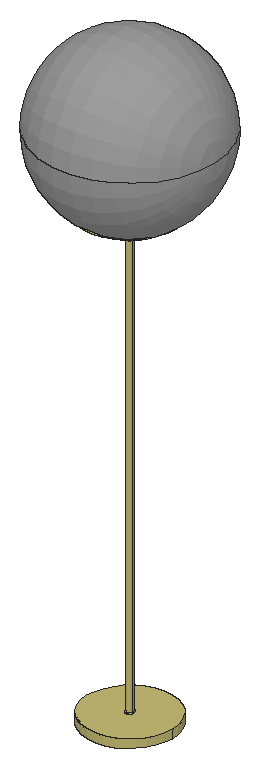
Revit family "Luna 10 Cord", category Lighting Fixtures, host Face, Revit 2017
Family settings
  Host = Face
  Round Connector Dimension = Use Diameter
  Part Type = Normal
  Cut with Voids When Loaded = No
  Light Source = Yes
  Shared = No
  Room Calculation Point = No
Parameters (values of type "Natural Brass")
  Wattage = 9.2903 W
  built-in parameter 1150110 = 1 (stored number, unit not read)
  Voltage = "120 V"
  URL = "https://www.schoolhouse.com/collections/pendants-chandeliers/products/luna-rod-pendant-with-10-opal-shade"
  built-in parameter 1114217 = 1 (stored number, unit not read)
  built-in parameter 1150109 = 1 (stored number, unit not read)
  built-in parameter 1150134 = 3
  built-in parameter 1150113 = 1 (stored number, unit not read)
  Product Material = Brass
  Primary Finishes = Schoolhouse Natural Brass 181-166-66
  Model = "Luna Rod Pendant with 10\" Shade"
  Max Wattage = 60 W
  Manufacturer = "Schoolhouse"
  built-in parameter 1150105 = 109.82 (stored number, unit not read)
  Lumens = 1380 lm
  built-in parameter 1150115 = 1 (stored number, unit not read)
  Light Source Symbol Size = 2' - 0"
  built-in parameter 1150137 = (empty or 0)
  built-in parameter 1150139 = (empty or 0)
  Length Sub 1 = Lamp Shade Radius  # 0' - 5"
  built-in parameter 1150112 = 1 (stored number, unit not read)
  Lamp Shade Radius = Lamp Shade Diameter / 2  # 0' - 5"
  Lamp Shade Diameter = 0' - 10"
  built-in parameter 1150114 = 1 (stored number, unit not read)
  built-in parameter 1150132 = (empty or 0)
  built-in parameter 1150102 = (empty or 0)
  built-in parameter 1150107 = 3200 (stored number, unit not read)
  built-in parameter 1150138 = (empty or 0)
  built-in parameter 1150106 = 1.0982 (stored number, unit not read)
  Height = 3' - 0"
  Emit from Circle Diameter = 2' - 0"
  Emit Shape Visible in Rendering = no
  built-in parameter 1150104 = 13.8 (stored number, unit not read)
  Dimming Lamp Color Temperature Shift = <None>
  Dimming = ""
  Description = "Pared down to the elements of line and light, the Luna Collection retains a delicate, sculptural quality that illuminates a room even when unlit. A stylish take on task lighting, the glass shade’s milky finish imparts a moon-like glow. A vinyl cord and streamlined components add to the versatility and simplicity of this fixture. Manufactured in our Portland, Ore. factory to exacting specifications. A Schoolhouse Electric Original."
  Default Elevation = 4' - 0"
  Cost = 249
  Color Filter = 16777215
  Canopy Width = 0' - 5"
  built-in parameter 1114218 = 1 (stored number, unit not read)
  built-in parameter 1150133 = 10 (stored number, unit not read)
Reference planes (in)
  plane 1 "Center (Front/Back)": y = 0
  plane 2: z = 0
  plane 3 "Center (Left/Right)": x = 0
  plane 4: x = 2.5
  plane 5: x = -2.5
  plane 6: z = 0.0625
  plane 7: z = 0.5625
  plane 8: z = 0.65625
  plane 9: z = 36
  plane 10 "lamp shade reference axis": z = 31
  plane 11: z = 26
  plane 12 "lamp shade holder": z = 26.78125
  plane 13: z = 25.375
Forms (in)
  Extrusion 1, solid, material "Schoolhouse Natural Brass 181-166-66" <- "Primary Finishes"
    sketch origin (0, 0, 0) x (1, 0, 0) y (0, 1, 0)
      loop
        circle (0, 0) r 2
    from 0 to 0.0625
  Extrusion 2, solid, material "Schoolhouse Natural Brass 181-166-66" <- "Primary Finishes"
    sketch origin (0, 0, 0.0625) x (1, 0, 0) y (0, 1, 0)
      loop
        circle (0, 0) r 2.5
    from 0 to 0.5
  Revolve 3, solid, material "Schoolhouse Natural Brass 181-166-66" <- "Primary Finishes"
    sketch origin (0, 0, 0) x (1, 0, 0) y (0, 0, 1)
      loop
        line (0, 0.5625) -> (0.19938, 0.5625)
        arc (0.19938, 0.5625) -> (0.2194, 0.57121) -> (0.22666, 0.5918) r 0.02734
        arc (0.22666, 0.5918) -> (0.2194, 0.61238) -> (0.19938, 0.62109) r 0.02734
        line (0.19938, 0.62109) -> (0.10914, 0.62109)
        arc (0.10914, 0.62109) -> (0.0598, 0.65774) -> (0, 0.67192) r 0.15243
        line (0, 0.67192) -> (0, 0.5625)
      axis (0, 0.67192) -> (0, 0.5625)
    angle from 0 to 360
  Extrusion 4, solid, material "Schoolhouse Natural Brass 181-166-66" <- "Primary Finishes"
    sketch origin (0, 0, 0.0625) x (1, 0, 0) y (0, 1, 0)
      loop
        circle (0, 0) r 0.16999
    from 0 to 25.9375
  Revolve 5, solid, material "Brass" <- "Product Material"
    sketch origin (0, 0, 31) x (-1, 0, 0) y (0, -1, 0)
      loop
        arc (-5, 0) -> (0, -5) -> (5, 0) r 5
        line (5, 0) -> (-5, 0)
      axis (-5, 0) -> (5, 0)
    angle from 0 to 360
  Extrusion 6, solid, material "Schoolhouse Natural Brass 181-166-66" <- "Primary Finishes"
    sketch origin (0, 0, 26.78125) x (-1, 0, 0) y (0, -1, 0)
      loop
        circle (0, 0) r 0.29749
    from -0.78125 to -1.40625
  Revolve 7, solid, material "Schoolhouse Natural Brass 181-166-66" <- "Primary Finishes"
    sketch origin (0, 0, 0) x (1, 0, 0) y (0, 0, 1)
      loop
        line (0, 26.78125) -> (0, 26)
        arc (0, 26) -> (1.44147, 26.15667) -> (2.75, 26.78125) r 4.32199
        line (2.75, 26.78125) -> (0, 26.78125)
      axis (0, 26) -> (0, 26.78125)
    angle from 0 to 360
Dimensions and locks (in)
  locked: plane 6 to level at 0.0625
  locked: plane 7 to plane 6 at 0.5
  "Height": plane 9 to level
  "Length Sub 1": plane 9 to plane 10 "lamp shade reference axis"
  "Length Sub 1": plane 10 "lamp shade reference axis" to plane 11
  locked: plane 12 "lamp shade holder" to plane 11 at 0.78125
  plane 12 "lamp shade holder" to plane 11 = 0' - 0 25/32"
  locked: plane 11 to plane 13 at 0.625
  Revolve 7 sketch curve to imposter light = 0' - 2 3/4"
  "Lamp Shade Radius": radius of Revolve 5 sketch curve
  aligned and locked: plane 2 to host face
  aligned and locked: level to host face
  aligned and locked: plane 6 to Extrusion 1
  aligned and locked: plane 7 to Extrusion 2
  aligned and locked: Extrusion 2 to Revolve 3 sketch curve
  aligned and locked: plane 11 to Extrusion 4
  aligned and locked: plane 11 to Extrusion 6
  aligned and locked: Extrusion 6 to plane 13
  aligned and locked: plane 10 "lamp shade reference axis" to imposter light
  aligned and locked: Revolve 7 sketch curve to plane 12 "lamp shade holder"
Automatic sketch dimensions
  host sketch curve to host sketch curve = 8' - 0"  (x2)
  plane 1 "Center (Front/Back)" to Extrusion 1 sketch curve = 0' - 0"
  Extrusion 1 sketch curve to plane 3 "Center (Left/Right)" = 0' - 0"
  Revolve 3 sketch curve to plane 3 "Center (Left/Right)" = 0' - 0"  (x2)
  Revolve 3 sketch curve to plane 7 = 0' - 0"
  Revolve 3 sketch curve to plane 3 "Center (Left/Right)" = 0' - 0.00455"
  Revolve 3 sketch curve to plane 8 = 0' - 0 9/256"
  plane 3 "Center (Left/Right)" to Revolve 3 sketch curve = 0' - 0.10914"
  Revolve 3 sketch curve to Revolve 3 sketch curve = 0' - 0.09024"
  Revolve 3 sketch curve to Revolve 3 sketch curve = 0' - 0"
  Revolve 3 sketch curve to plane 7 = 0' - 0.04294"
  Revolve 3 sketch curve to Revolve 3 sketch curve = 0' - 0 7/256"
  Revolve 3 sketch curve to Revolve 3 sketch curve = 0' - 0 1/256"
  Revolve 3 sketch curve to Revolve 3 sketch curve = 0' - 0.04423"
  plane 1 "Center (Front/Back)" to Revolve 5 sketch curve = 0' - 0"  (x2)
  Revolve 5 sketch curve to plane 3 "Center (Left/Right)" = 0' - 0"
  Revolve 5 sketch curve to Revolve 5 sketch curve = 0' - 3 1/2"
  Revolve 5 sketch curve to Revolve 5 sketch curve = 0' - 4"
  plane 1 "Center (Front/Back)" to Extrusion 6 sketch curve = 0' - 0"
  Extrusion 6 sketch curve to plane 3 "Center (Left/Right)" = 0' - 0"
  Revolve 7 sketch curve to plane 3 "Center (Left/Right)" = 0' - 0"  (x2)
  plane 3 "Center (Left/Right)" to Revolve 7 sketch curve = 0' - 0.26037"
  plane 4 to Revolve 7 sketch curve = 0' - 0 1/4"
  plane 11 to Revolve 7 sketch curve = 0' - 0"
  plane 12 "lamp shade holder" to Revolve 7 sketch curve = 0' - 0 1/2"
  Revolve 7 sketch curve to Revolve 7 sketch curve = 0' - 0.33244"
  radius of Extrusion 1 sketch curve = 0' - 2"
  radius of Extrusion 1 to Extrusion 2 sketch curve = 0' - 0 1/2"
  radius of Extrusion 4 sketch curve to Extrusion 1 = 0' - 1.83001"
  radius of Extrusion 6 sketch curve = 0' - 0.29749"
